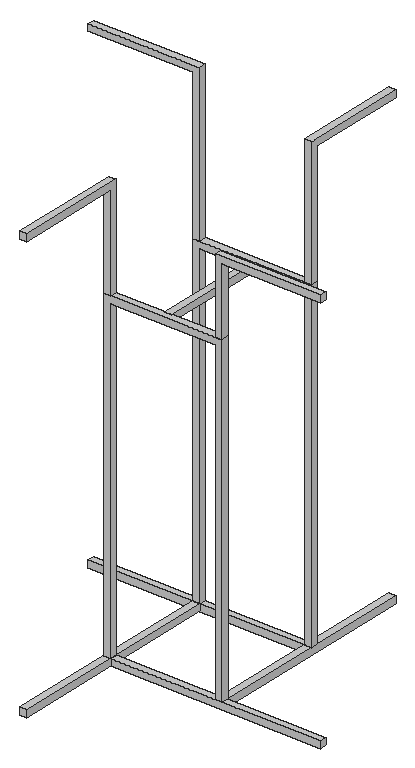
Revit family "FC44", category Specialty Equipment, Revit 2012
Parameters (values of type "4-Way Costumer - Straight Arm (Default)")
  URL = "http://madixinc.com/display/freestanding.html"
  Model = "4-Way Costumer - Straight Arm"
  Manufacturer = "© 2012 Madix, Inc. All rights reserved."
Reference planes (in)
  plane 1 "Center (Front/Back)": y = 0
  plane 2: z = 0
  plane 3 "Center (Left/Right)": x = 0
  plane 4: x = -7.75
  plane 5: x = 7.75
  plane 6: y = 7.75
  plane 7: y = -7.75
  plane 8: y = 7.75
  plane 9: y = -7.75
  plane 10: x = 7.75
  plane 11: x = -7.75
  plane 12: z = 1
  plane 13: z = 49
  plane 14: z = 72
  plane 15: z = 68
  plane 16: z = 64
  plane 17: z = 60
  plane 18: z = 64
  plane 19: z = 68
  plane 20: z = 72
Forms (in)
  Extrusion 1, solid, material "Metal - Steel"
    sketch origin (0, 0, 0) x (1, 0, 0) y (0, 1, 0)
      loop
        line (-8.75, 7.75) -> (-8.75, -24.25) -> (-7.75, -24.25) -> (-7.75, 7.75) -> (-8.75, 7.75)
      loop
        line (8.75, 23.30817) -> (7.75, 23.30817) -> (7.75, -7.75) -> (8.75, -7.75) -> (8.75, 23.30817)
    from 0 to 1
  Extrusion 2, solid, material "Metal - Steel"
    sketch origin (0, 0, 0) x (0, -1, 0) y (1, 0, 0)
      loop
        line (-8.75, 7.75) -> (-8.75, -24.25) -> (-7.75, -24.25) -> (-7.75, 7.75) -> (-8.75, 7.75)
      loop
        line (8.75, 23.30817) -> (7.75, 23.30817) -> (7.75, -7.75) -> (8.75, -7.75) -> (8.75, 23.30817)
    from 0 to 1
  Extrusion 3, solid, material "Metal - Steel"
    sketch origin (0, 0, 0) x (1, 0, 0) y (0, 0, 1)
      loop
        line (8.75, 1) -> (8.75, 49) -> (-8.75, 49) -> (-8.75, 1) -> (-7.75, 1) -> (-7.75, 48) -> (7.75, 48) -> (7.75, 1) -> (8.75, 1)
    from 7.75 to 8.75
  Extrusion 4, solid, material "Metal - Steel"
    sketch origin (0, 0, 0) x (1, 0, 0) y (0, 0, -1)
      loop
        line (8.75, -1) -> (7.75, -1) -> (7.75, -48) -> (-7.75, -48) -> (-7.75, -1) -> (-8.75, -1) -> (-8.75, -49) -> (8.75, -49) -> (8.75, -1)
    from 7.75 to 8.75
  Extrusion 5, solid, material "Metal - Steel"
    sketch origin (0, 0, 0) x (1, 0, 0) y (0, 1, 0)
      loop
        line (-0.5, 7.75) -> (-0.5, -7.75) -> (0.5, -7.75) -> (0.5, 7.75) -> (-0.5, 7.75)
    from 48 to 49
  Extrusion 6, solid, material "Metal - Steel"
    sketch origin (0, 0, 0) x (1, 0, 0) y (0, 0, 1)
      loop
        line (8.75, 49) -> (8.75, 60) -> (7.75, 60) -> (7.75, 49) -> (8.75, 49)
      loop
        line (-7.75, 49) -> (-7.75, 64) -> (-8.75, 64) -> (-8.75, 49) -> (-7.75, 49)
    from 7.75 to 8.75
  Extrusion 7, solid, material "Metal - Steel"
    sketch origin (0, 0, 0) x (1, 0, 0) y (0, 0, 1)
      loop
        line (8.75, 49) -> (8.75, 68) -> (7.75, 68) -> (7.75, 49) -> (8.75, 49)
      loop
        line (-7.75, 49) -> (-7.75, 72) -> (-8.75, 72) -> (-8.75, 49) -> (-7.75, 49)
    from -8.75 to -7.75
  Extrusion 8, solid, material "Metal - Steel"
    sketch origin (0, 0, 0) x (1, 0, 0) y (0, 0, 1)
      loop
        line (23.30817, 60) -> (8.75, 60) -> (8.75, 59) -> (23.30817, 59) -> (23.30817, 60)
    from 7.75 to 8.75
  Extrusion 9, solid, material "Metal - Steel"
    sketch origin (0, 0, 0) x (0, 1, 0) y (0, 0, 1)
      loop
        line (-8.75, 64) -> (-24.25, 64) -> (-24.25, 63) -> (-8.75, 63) -> (-8.75, 64)
    from -8.75 to -7.75
  Extrusion 10, solid, material "Metal - Steel"
    sketch origin (0, 0, 0) x (1, 0, 0) y (0, 0, 1)
      loop
        line (-8.75, 72) -> (-24.25, 72) -> (-24.25, 71) -> (-8.75, 71) -> (-8.75, 72)
    from -8.75 to -7.75
  Extrusion 11, solid, material "Metal - Steel"
    sketch origin (0, 0, 0) x (0, 1, 0) y (0, 0, 1)
      loop
        line (8.75, 68) -> (8.75, 67) -> (23.30817, 67) -> (23.30817, 68) -> (8.75, 68)
    from 7.75 to 8.75
Cuts and joins
  joined: Extrusion 6, Extrusion 8, Extrusion 9
  joined: Extrusion 7, Extrusion 10, Extrusion 11
Dimensions and locks (in)
  aligned and locked: level to plane 2
